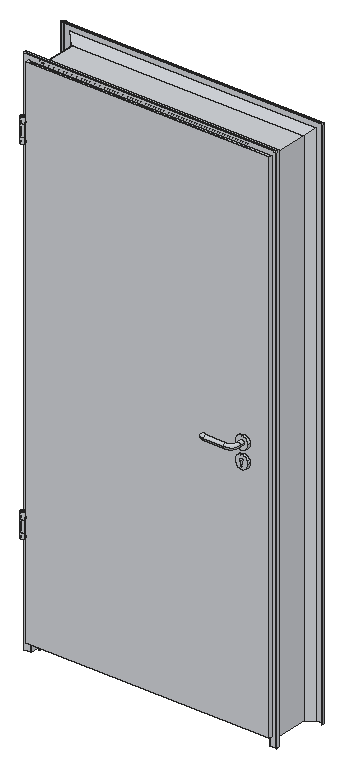
Revit family "BOS-Schrägleibungszarge-cUud-MW_Familie", category Türen, Revit 2017
Family settings
  Basisbauteil = Wand
  Immer vertikal = Ja
  Beim Laden mit Abzugskörper schneiden = Nein
  Gemeinsam genutzt = Nein
  Raumberechnungspunkt = Ja
Parameters (values of type "cUud")
  Öffnungswinkel [instance] = if(Öffnungswinkel   Aperture < Öffnungswinkel min., Öffnungswinkel min., if(Öffnungswinkel   Aperture > Öffnungswinkel max., Öffnungswinkel max., Öffnungswinkel   Aperture)) * if(DIN links   DIN Left, 1, -1)  # 0.00°
  Öffnungswinkel min. = 0.00°  # constant formula
  Öffnungswinkel max. = 180.00°  # constant formula
  Öffnungswinkel   Aperture [instance] = 0.00°
  Türblattaufschlag = 13 mm  # constant formula
  Türblattabstand links-rechts = 3.5 mm  # constant formula
  Spiegel vorne min. = 30 mm  # constant formula
  Spiegel vorne max. = 80 mm  # constant formula
  Spiegel hinten min. = 30 mm  # constant formula
  Spiegel hinten max. [instance] = 80 mm  # constant formula
  Sickentiefe = 10 mm  # constant formula
  Schrägetiefe min. = 15 mm  # constant formula
  Schrägetiefe max. = Falztiefe gesamt  # 28.5 mm
  Schrägetiefe   Slanting soffit depth [instance] = 28.5 mm
  Schrägetiefe [instance] = if(Schrägetiefe   Slanting soffit depth < Schrägetiefe min., Schrägetiefe min., if(Schrägetiefe   Slanting soffit depth > Schrägetiefe max., Schrägetiefe max., Schrägetiefe   Slanting soffit depth))  # 28.5 mm
  Schrägebreite min. = Falzaufschlag  # 15 mm
  Schrägebreite max. = Falzaufschlag gesamt + 15 mm  # 30 mm
  Schrägebreite   Slanting soffit width [instance] = 30 mm
  Schrägebreite [instance] = if(Schrägebreite   Slanting soffit width < Schrägebreite min., Schrägebreite min., if(Schrägebreite   Slanting soffit width > Schrägebreite max., Schrägebreite max., Schrägebreite   Slanting soffit width))  # 30 mm
  RNH Rohbau_Nennmaß_Höhe   Nominal Wall Opening Height Measurement [instance] = FMH Falzmaß Höhe + Einfügepunkt  # 2145 mm
  RNB Rohbau_Nennmaß_Breite   Nominal Wall Opening Width Measurement [instance] = FMB Falzmaß Breite + (2 * Einfügepunkt)  # 1040 mm
  Putzwinkel min. = 10 mm  # constant formula
  Putzwinkel max. = 28 mm  # constant formula
  MW min. (Formel) [instance] = Falztiefe gesamt + Leibungstiefe min. + Schrägetiefe - Putzwinkel vorne - Putzwinkel hinten  # 64 mm
  Leibungstiefe min. = 27 mm  # constant formula
  GT min. [instance] = MW min. + Putzwinkel vorne + Putzwinkel hinten  # 100 mm
  Drehpunktreferenz horizontal = 500 mm  # constant formula
  Türblattversatz vertikal = if(Gefälzt, -3.5 mm, 15.5 mm)  # -3.5 mm
  Türblattversatz  horizontal = if(Gefälzt, 11.5 mm, 6 mm)  # 11.5 mm
  Türblattabstand 3 = 4.5 mm  # constant formula
  Türblattabstand 2 = 4.5 mm  # constant formula
  Türblattabstand 1 = if(Gefälzt, 1.5 mm, -2 mm)  # 1.5 mm
  Wandstärke   Wall Thickness [instance] = 200 mm
  Stumpf = or(cUsd, cUsFd)  # no
  VX Bänder [instance] = 1 < 2  # yes
  Putzwinkel vorne   Backbend Front [instance] = 10 mm  # constant formula
  Putzwinkel hinten   Backbend Back [instance] = 10 mm  # constant formula
  LDH Lichte Durchgangs Höhe   Clearance Height [instance] = FMH Falzmaß Höhe - Falzaufschlag gesamt  # 2093 mm
  LDB Lichte Durchgangs Breite   Clearance Width [instance] = FMB Falzmaß Breite - (2 * Falzaufschlag gesamt)  # 936 mm
  Gefälzt = or(cUud, cUuFd)  # yes
  URL = "www.BestOfSteel.de/stahlzargen/zargen-fuer-drehfluegeltueren/schraegleibungszargen"
  Türblattstärke 3 = if(Doppelfalz, Falztiefe 2, 0 mm)  # 0 mm
  Türblattstärke 2 = Türblattstärke - Türblattstärke 1 - Türblattstärke 3  # 25.5 mm
  Türblattstärke 1 = if(Gefälzt, 14.5 mm, 0 mm)  # 14.5 mm
  Türblattstärke = if(Einfachfalz, 40 mm, 65 mm)  # 40 mm
  Typenbild = <Keine Auswahl>
  Spiegel vorne   Architrave Front [instance] = 30 mm
  Spiegel vorne [instance] = if(Spiegel vorne   Architrave Front < Spiegel vorne min., Spiegel vorne min., if(Spiegel vorne   Architrave Front > Spiegel vorne max., Spiegel vorne max., Spiegel vorne   Architrave Front))  # 30 mm
  Spiegel hinten   Architrave Back [instance] = 30 mm
  Spiegel hinten [instance] = if(Spiegel hinten   Architrave Back < Spiegel hinten min., Spiegel hinten min., if(Spiegel hinten   Architrave Back > Spiegel hinten max., Spiegel hinten max., Spiegel hinten   Architrave Back))  # 30 mm
  Rough Height = 0 mm  # constant formula
  Rough Width = 0 mm  # constant formula
  Rechtliche Hinweise [instance] = "www.BestOfSteel.de/tools-downloads/bim-building-information-modeling/"
  Putzwinkel vorne [instance] = if(Putzwinkel vorne   Backbend Front < Putzwinkel min., Putzwinkel min., if(Putzwinkel vorne   Backbend Front > Putzwinkel max., Putzwinkel max., Putzwinkel vorne   Backbend Front))  # 10 mm
  Putzwinkel hinten [instance] = if(Putzwinkel hinten   Backbend Back < Putzwinkel min., Putzwinkel min., if(Putzwinkel hinten   Backbend Back > Putzwinkel max., Putzwinkel max., Putzwinkel hinten   Backbend Back))  # 10 mm
  MW min. [instance] = if([MW min. (Formel)] < 80.5 mm, 80 mm, if([MW min. (Formel)] < 100.5 mm, 100 mm, if([MW min. (Formel)] < 130.5 mm, 130 mm, if([MW min. (Formel)] < 145.5 mm, 145 mm, 160 mm))))  # 80 mm
  MW max. [instance] = GT max. - Putzwinkel vorne - Putzwinkel hinten  # 630 mm
  Information in English = no
  GT max. = 650 mm  # constant formula
  GT Gesamttiefe [instance] = GT Gesamttiefe_Zarge   Total Profile Depth  # 220 mm
  Funktion = Innen
  Falztiefe gesamt = if(Einfachfalz, Falztiefe, Falztiefe + Falztiefe 2)  # 28.5 mm
  Falztiefe 2 = 25 mm  # constant formula
  Falztiefe = Türblattstärke 2 - Türblattabstand 1 + Türblattabstand 2  # 28.5 mm
  Falzaufschlag gesamt = if(Einfachfalz, Falzaufschlag, 2 * Falzaufschlag)  # 15 mm
  FMH min. = 1608 mm  # constant formula
  FMH max. = 2858 mm  # constant formula
  FMH Falzmaß_Höhe   Rebate Height Measurement [instance] = 2108 mm
  FMH Falzmaß Höhe [instance] = if(FMH Falzmaß_Höhe   Rebate Height Measurement < FMH min., FMH min., if(FMH Falzmaß_Höhe   Rebate Height Measurement > FMH max., FMH max., FMH Falzmaß_Höhe   Rebate Height Measurement))  # 2108 mm
  FMB min. = 591 mm  # constant formula
  FMB max. = 1342 mm  # constant formula
  FMB Falzmaß_Breite   Rebate Width Measurement [instance] = 966 mm
  FMB Falzmaß Breite [instance] = if(FMB Falzmaß_Breite   Rebate Width Measurement < FMB min., FMB min., if(FMB Falzmaß_Breite   Rebate Width Measurement > FMB max., FMB max., FMB Falzmaß_Breite   Rebate Width Measurement))  # 966 mm
  Drückerhöhe [instance] = if(Drückerhöhe   Handle Height < 850 mm, 850 mm, if(Drückerhöhe   Handle Height > 1050 mm, 1050 mm, Drückerhöhe   Handle Height))  # 1050 mm
  Drehpunkt Warnung sichtbar = yes
  Drehpunkt Warnung [instance] = and(Drehpunkt Warnung sichtbar, not(Öffnungswinkel = 0.00°))  # no
  Doppelfalz = or(cUuFd, cUsFd)  # no
  Einfachfalz = or(cUud, cUsd)  # yes
  Dichtungsversatz vertikal 2 [instance] = Falztiefe + Sickentiefe - Putzwinkel vorne + Falztiefe 2  # 53.5 mm
  Dichtungsversatz vertikal 1 [instance] = Falztiefe + Sickentiefe - Putzwinkel vorne  # 28.5 mm
  Dichtungsversatz horizontal 2 [instance] = Falzaufschlag  # 15 mm
  Dichtungsversatz horizontal 1 [instance] = 0 mm  # constant formula
  Dichtung 2 = Doppelfalz  # no
  Dichtung 1 = or(Einfachfalz, Doppelfalz)  # yes
  Drehpunktposition vertikal [instance] = (Wandstärke   Wall Thickness / 2) + Putzwinkel vorne + [Drehpunktabstand (SP) vertikal]  # 122.5 mm
  Drehpunktposition horizontal [instance] = Drehpunktreferenz horizontal + Einfügepunkt + if(DIN links   DIN Left, FMB Falzmaß Breite + [Drehpunktabstand (FM) horizontal], -[Drehpunktabstand (FM) horizontal])  # 1524 mm
  Drehpunktabstand (FM) horizontal = if(Gefälzt, 21 mm, 2.5 mm)  # 21 mm
  Drehpunktabstand (SP) vertikal = if(Gefälzt, 12.5 mm, 13.5 mm)  # 12.5 mm
  Bänder - Auswahl [instance] = if(Gefälzt, "3D Bänder gefälzt, Bandaufnahmen BVX11000", "3D Bänder stumpf, Bandaufnahmen BVX11000")  # "3D Bänder gefälzt, Bandaufnahmen BVX11000"
  Blechstärke = 1.5 mm  # constant formula
  BE max. = 100 mm  # constant formula
  BE Bodeneinstand [instance] = if(BE Bodeneinstand   Foundation Bedding < 0 mm, 0 mm, if(BE Bodeneinstand   Foundation Bedding > BE max., BE max., BE Bodeneinstand   Foundation Bedding))  # 30 mm
  cUsFd = no
  cUuFd = no
  Modell = "cUud"
  Material - Zarge = none
  Material - Türblatt = none
  Material - Drückergarnitur = none
  Material - Dichtung = none
  Material - Bänder = none
  Material = "grundiert, feuerverzinktes Feinblech nach DIN EN 10143"
  MW Maulweite   Receiving Opening [instance] = if(Wandstärke   Wall Thickness < MW min., MW min., if(Wandstärke   Wall Thickness > MW max., MW max., Wandstärke   Wall Thickness))  # 200 mm
  Height [instance] = RNH Rohbau_Nennmaß_Höhe   Nominal Wall Opening Height Measurement  # 2145 mm
  Hersteller = "BOS GmbH Best Of Steel, Lütkenfelde 4, D-48282 Emsdetten"
  GT Gesamttiefe_Zarge   Total Profile Depth [instance] = MW Maulweite   Receiving Opening + Putzwinkel vorne + Putzwinkel hinten  # 220 mm
  MW Fehler [instance] = or(Wandstärke   Wall Thickness < MW min., Wandstärke   Wall Thickness > MW max.)  # no
  Einfügepunkt [instance] = 7 mm + if(not(Spiegel vorne + Falzaufschlag gesamt < Spiegel hinten + Schrägebreite), Spiegel hinten + Schrägebreite - Falzaufschlag gesamt, Spiegel vorne)  # 37 mm
  Drückerhöhe   Handle Height [instance] = 1050 mm
  Drückergarnitur [instance] = 1 < 2  # yes
  Dicke = 0 mm  # constant formula
  DIN rechts   DIN Right [instance] = not(DIN links   DIN Left)  # no
  DIN links oder rechts [instance] = if(DIN links   DIN Left, "DIN links", "DIN rechts")  # "DIN links"
  DIN links   DIN Left [instance] = yes
  cUud = yes
  cUsd = no
  Width = 0 mm  # constant formula
  Beschreibung = "Schrägleibungszarge als Umfassungsprofil für Mauerwerk, gefälzt"
  Bauelement = "BOS Stahlzarge"
  BOS-Architekten-Beratung = "Tel.: +49 (0) 2572 203-203; E-Mail: architekten@BestOfSteel.de"
  BE Bodeneinstand   Foundation Bedding [instance] = 30 mm
  BBL1 Bandbezugslinie   Hinge Position 1 = 241 mm  # constant formula
  BA Bandabstand   Distance Between Hinges [instance] = if(FMH Falzmaß Höhe < 1546 mm, 935 mm, if(FMH Falzmaß Höhe < 1671 mm, 1060 mm, if(FMH Falzmaß Höhe < 1796 mm, 1185 mm, if(FMH Falzmaß Höhe < 1921 mm, 1310 mm, if(FMH Falzmaß Höhe < 2171 mm, 1435 mm, if(FMH Falzmaß Höhe < 2296 mm, 1685 mm, if(FMH Falzmaß Höhe < 2421 mm, 1810 mm, if(FMH Falzmaß Höhe < 2546 mm, 1935 mm, if(FMH Falzmaß Höhe < 2671 mm, 2060 mm, if(FMH Falzmaß Höhe < 2796 mm, 2185 mm, 2310 mm))))))))))  # 1435 mm
  Falzaufschlag = 15 mm  # constant formula
  Technische Infos rund um die Stahlzarge = "www.BestOfSteel.de/tools-downloads/technische-infos-rund-um-die-stahlzarge/"
  Info-Texte sichtbar = yes
Reference planes
  plane 1 "Wand": y = 0
  plane 2 "Mitte (Links/rechts)": x = 125
  plane 3 "Hinten": y = 100
  plane 4 "Vorne": y = -100
  plane 5 "RNB links": x = -395
  plane 6 "RNB rechts": x = 645
  plane 7 "RNH oben": z = 2145
  plane 8 "BBL1": z = 1867
  plane 9 "Drückerhöhe": z = 1050
  plane 10 "BBL2": z = 432
  plane 11 "BE": z = -30
  plane 12 "FMH oben": z = 2108
  plane 13 "BE max.": z = -100
  plane 14 "FMB links": x = -358
  plane 15 "FMB rechts": x = 608
  plane 16 "Drehpunkt vertikal": y = -122.5
  plane 17 "Drehpunkt horizontal": x = -379
  plane 18 "Drehpunktreferenz horizontal": x = 1145
Forms (mm)
  Sweep 1, solid, material <- "Material - Zarge", visible <- "Einfachfalz", detail levels medium+fine
    path origin (0, -100, 0) x (-1, 0, 0) y (0, 0, 1)
      loop
        line (395, -30) -> (395, 2145) -> (-645, 2145) -> (-645, -30)
    profile "BOS-cUud-cUsd_Profil : BOS-cUud-cUsd_Profil" origin (-395, -100, 1057.5) x (1, 0, 0) y (0, 1, 0)
      loop
        arc (-5.5, 210) -> (-7.268, 209.268) -> (-8, 207.5) r 2.5
        line (-8, 207.5) -> (-8, 200) -> (-6.5, 200) -> (-6.5, 207.5)
        arc (-6.5, 207.5) -> (-6.207, 208.207) -> (-5.5, 208.5) r 1
        line (-5.5, 208.5) -> (21.401, 208.5) -> (50.5, 180.856) -> (50.5, 21.25)
        arc (50.5, 21.25) -> (49.135, 20.005) -> (48.021, 21.479) r 1.25
        line (48.021, 21.479) -> (48.949, 26.449)
        arc (48.949, 26.449) -> (48.308, 28.917) -> (46, 30) r 3
        line (46, 30) -> (38, 30)
        arc (38, 30) -> (36.232, 29.268) -> (35.5, 27.5) r 2.5
        line (35.5, 27.5) -> (35.5, -7.5)
        arc (35.5, -7.5) -> (35.207, -8.207) -> (34.5, -8.5) r 1
        line (34.5, -8.5) -> (9.5, -8.5)
        arc (9.5, -8.5) -> (8.793, -8.207) -> (8.5, -7.5) r 1
        line (8.5, -7.5) -> (8.5, 0) -> (7, 0) -> (7, -7.5)
        arc (7, -7.5) -> (7.732, -9.268) -> (9.5, -10) r 2.5
        line (9.5, -10) -> (34.5, -10)
        arc (34.5, -10) -> (36.268, -9.268) -> (37, -7.5) r 2.5
        line (37, -7.5) -> (37, 27.5)
        arc (37, 27.5) -> (37.293, 28.207) -> (38, 28.5) r 1
        line (38, 28.5) -> (46, 28.5)
        arc (46, 28.5) -> (47.154, 27.958) -> (47.475, 26.725) r 1.5
        line (47.475, 26.725) -> (46.547, 21.755)
        arc (46.547, 21.755) -> (48.996, 18.512) -> (52, 21.25) r 2.75
        line (52, 21.25) -> (52, 181.5) -> (22, 210) -> (-5.5, 210)
  Sweep 2, solid, material <- "Material - Dichtung", visible <- "Dichtung 1", detail levels medium+fine
    path origin (0, -100, 0) x (-1, 0, 0) y (0, 0, 1)
      loop
        line (358, 0) -> (358, 2108) -> (-608, 2108) -> (-608, 0)
    profile "BOS-Dichtung_Profil : BOS-Dichtung_Profil" origin (-358, -100, 1054) x (1, 0, 0) y (0, 1, 0)
      loop
        arc (2.601, 27.263) -> (2.248, 27.116) -> (2.102, 26.763) r 0.5
        line (2.102, 26.763) -> (2.102, 22.634)
        arc (2.102, 22.634) -> (2.243, 22.254) -> (2.599, 22.057) r 0.584
        line (2.599, 22.057) -> (7.702, 21.28)
        arc (7.702, 21.28) -> (8.08, 21.392) -> (8.234, 21.754) r 0.462
        line (8.234, 21.754) -> (8.069, 25.992)
        arc (8.069, 25.992) -> (7.918, 26.403) -> (7.556, 26.65) r 0.716
        arc (7.556, 26.65) -> (5.104, 27.16) -> (2.601, 27.263) r 15.257
      loop
        arc (2.671, 20.957) -> (2.274, 20.838) -> (2.102, 20.46) r 0.501
        line (2.102, 20.46) -> (2.102, 17.565)
        arc (2.102, 17.565) -> (2.227, 17.151) -> (2.561, 16.874) r 0.75
        line (2.561, 16.874) -> (9.159, 15)
        arc (9.159, 15) -> (9.738, 14.926) -> (10.314, 15.026) r 1.962
        arc (10.314, 15.026) -> (11.596, 15.754) -> (12.503, 16.916) r 3.79
        arc (12.503, 16.916) -> (12.466, 17.289) -> (12.114, 17.416) r 0.351
        arc (12.114, 17.416) -> (9.731, 17.818) -> (8.301, 19.767) r 3.215
        arc (8.301, 19.767) -> (8.101, 20.097) -> (7.751, 20.259) r 0.66
        line (7.751, 20.259) -> (2.671, 20.957)
      loop
        arc (9.885, 26.692) -> (6.361, 28.049) -> (2.611, 28.5) r 15.273
        arc (2.611, 28.5) -> (1.229, 28.241) -> (0, 27.558) r 4.388
        arc (0, 27.558) -> (-0.126, 27.198) -> (0.203, 27.005) r 0.3
        line (0.203, 27.005) -> (1.052, 27.179) -> (1.052, 22.212) -> (0.253, 21.589)
        arc (0.253, 21.589) -> (0.158, 21.198) -> (0.517, 21.017) r 0.324
        arc (0.517, 21.017) -> (0.888, 20.925) -> (1.052, 20.58) r 0.446
        line (1.052, 20.58) -> (1.052, 17.338) -> (0.255, 16.575)
        arc (0.255, 16.575) -> (0.205, 16.209) -> (0.55, 16.077) r 0.297
        arc (0.55, 16.077) -> (1.217, 16.194) -> (1.892, 16.137) r 2.63
        line (1.892, 16.137) -> (9.198, 14.049)
        arc (9.198, 14.049) -> (9.621, 14.008) -> (10.045, 14.024) r 3.219
        arc (10.045, 14.024) -> (12.714, 15.531) -> (14.033, 18.298) r 5.088
        arc (14.033, 18.298) -> (13.874, 18.708) -> (13.442, 18.788) r 0.451
        line (13.442, 18.788) -> (12.151, 18.352)
        arc (12.151, 18.352) -> (10.406, 18.72) -> (9.336, 20.147) r 2.533
        line (9.336, 20.147) -> (9.088, 25.569)
        arc (9.088, 25.569) -> (9.253, 25.964) -> (9.663, 26.087) r 0.501
        arc (9.663, 26.087) -> (10.021, 26.299) -> (9.885, 26.692) r 0.329
  Sweep 3, solid, material <- "Material - Zarge", visible <- "Doppelfalz", detail levels medium+fine
    path origin (0, -100, 0) x (-1, 0, 0) y (0, 0, 1)
      loop
        line (395, -30) -> (395, 2145) -> (-645, 2145) -> (-645, -30)
    profile "BOS-cUuFd-cUsFd_Profil : BOS-cUuFd-cUsFd_Profil" origin (-395, -100, 1057.5) x (1, 0, 0) y (0, 1, 0)
      loop
        arc (9.5, 210) -> (7.732, 209.268) -> (7, 207.5) r 2.5
        line (7, 207.5) -> (7, 200) -> (8.5, 200) -> (8.5, 207.5)
        arc (8.5, 207.5) -> (8.793, 208.207) -> (9.5, 208.5) r 1
        line (9.5, 208.5) -> (36.401, 208.5) -> (65.5, 180.856) -> (65.5, 46.25)
        arc (65.5, 46.25) -> (64.135, 45.005) -> (63.021, 46.479) r 1.25
        line (63.021, 46.479) -> (63.949, 51.449)
        arc (63.949, 51.449) -> (63.308, 53.917) -> (61, 55) r 3
        line (61, 55) -> (53, 55)
        arc (53, 55) -> (51.232, 54.268) -> (50.5, 52.5) r 2.5
        line (50.5, 52.5) -> (50.5, 21.25)
        arc (50.5, 21.25) -> (49.135, 20.005) -> (48.021, 21.479) r 1.25
        line (48.021, 21.479) -> (48.949, 26.449)
        arc (48.949, 26.449) -> (48.308, 28.917) -> (46, 30) r 3
        line (46, 30) -> (38, 30)
        arc (38, 30) -> (36.232, 29.268) -> (35.5, 27.5) r 2.5
        line (35.5, 27.5) -> (35.5, -7.5)
        arc (35.5, -7.5) -> (35.207, -8.207) -> (34.5, -8.5) r 1
        line (34.5, -8.5) -> (9.5, -8.5)
        arc (9.5, -8.5) -> (8.793, -8.207) -> (8.5, -7.5) r 1
        line (8.5, -7.5) -> (8.5, 0) -> (7, 0) -> (7, -7.5)
        arc (7, -7.5) -> (7.732, -9.268) -> (9.5, -10) r 2.5
        line (9.5, -10) -> (34.5, -10)
        arc (34.5, -10) -> (36.268, -9.268) -> (37, -7.5) r 2.5
        line (37, -7.5) -> (37, 27.5)
        arc (37, 27.5) -> (37.293, 28.207) -> (38, 28.5) r 1
        line (38, 28.5) -> (46, 28.5)
        arc (46, 28.5) -> (47.154, 27.958) -> (47.475, 26.725) r 1.5
        line (47.475, 26.725) -> (46.547, 21.755)
        arc (46.547, 21.755) -> (48.996, 18.512) -> (52, 21.25) r 2.75
        line (52, 21.25) -> (52, 52.5)
        arc (52, 52.5) -> (52.293, 53.207) -> (53, 53.5) r 1
        line (53, 53.5) -> (61, 53.5)
        arc (61, 53.5) -> (62.154, 52.958) -> (62.475, 51.725) r 1.5
        line (62.475, 51.725) -> (61.547, 46.755)
        arc (61.547, 46.755) -> (63.996, 43.512) -> (67, 46.25) r 2.75
        line (67, 46.25) -> (67, 181.5) -> (37, 210) -> (9.5, 210)
  Sweep 4, solid, material <- "Material - Dichtung", visible <- "Dichtung 2", detail levels medium+fine
    path origin (0, -100, 0) x (-1, 0, 0) y (0, 0, 1)
      loop
        line (358, 0) -> (358, 2108) -> (-608, 2108) -> (-608, 0)
    profile "BOS-Dichtung_Profil : BOS-Dichtung_Profil" origin (-358, -100, 1054) x (1, 0, 0) y (0, 1, 0)
      loop
        arc (17.601, 52.263) -> (17.248, 52.116) -> (17.102, 51.763) r 0.5
        line (17.102, 51.763) -> (17.102, 47.634)
        arc (17.102, 47.634) -> (17.243, 47.254) -> (17.599, 47.057) r 0.584
        line (17.599, 47.057) -> (22.702, 46.28)
        arc (22.702, 46.28) -> (23.08, 46.392) -> (23.234, 46.754) r 0.462
        line (23.234, 46.754) -> (23.069, 50.992)
        arc (23.069, 50.992) -> (22.918, 51.403) -> (22.556, 51.65) r 0.716
        arc (22.556, 51.65) -> (20.104, 52.16) -> (17.601, 52.263) r 15.257
      loop
        arc (17.671, 45.957) -> (17.274, 45.838) -> (17.102, 45.46) r 0.501
        line (17.102, 45.46) -> (17.102, 42.565)
        arc (17.102, 42.565) -> (17.227, 42.151) -> (17.561, 41.874) r 0.75
        line (17.561, 41.874) -> (24.159, 40)
        arc (24.159, 40) -> (24.738, 39.926) -> (25.314, 40.026) r 1.962
        arc (25.314, 40.026) -> (26.596, 40.754) -> (27.503, 41.916) r 3.79
        arc (27.503, 41.916) -> (27.466, 42.289) -> (27.114, 42.416) r 0.351
        arc (27.114, 42.416) -> (24.731, 42.818) -> (23.301, 44.767) r 3.215
        arc (23.301, 44.767) -> (23.101, 45.097) -> (22.751, 45.259) r 0.66
        line (22.751, 45.259) -> (17.671, 45.957)
      loop
        arc (24.885, 51.692) -> (21.361, 53.049) -> (17.611, 53.5) r 15.273
        arc (17.611, 53.5) -> (16.229, 53.241) -> (15, 52.558) r 4.388
        arc (15, 52.558) -> (14.874, 52.198) -> (15.203, 52.005) r 0.3
        line (15.203, 52.005) -> (16.052, 52.179) -> (16.052, 47.212) -> (15.253, 46.589)
        arc (15.253, 46.589) -> (15.158, 46.198) -> (15.517, 46.017) r 0.324
        arc (15.517, 46.017) -> (15.888, 45.925) -> (16.052, 45.58) r 0.446
        line (16.052, 45.58) -> (16.052, 42.338) -> (15.255, 41.575)
        arc (15.255, 41.575) -> (15.205, 41.209) -> (15.55, 41.077) r 0.297
        arc (15.55, 41.077) -> (16.217, 41.194) -> (16.892, 41.137) r 2.63
        line (16.892, 41.137) -> (24.198, 39.049)
        arc (24.198, 39.049) -> (24.621, 39.008) -> (25.045, 39.024) r 3.219
        arc (25.045, 39.024) -> (27.714, 40.531) -> (29.033, 43.298) r 5.088
        arc (29.033, 43.298) -> (28.874, 43.708) -> (28.442, 43.788) r 0.451
        line (28.442, 43.788) -> (27.151, 43.352)
        arc (27.151, 43.352) -> (25.406, 43.72) -> (24.336, 45.147) r 2.533
        line (24.336, 45.147) -> (24.088, 50.569)
        arc (24.088, 50.569) -> (24.253, 50.964) -> (24.663, 51.087) r 0.501
        arc (24.663, 51.087) -> (25.021, 51.299) -> (24.885, 51.692) r 0.329
  Sweep 5, void
    path origin (0, -100, 0) x (-1, 0, 0) y (0, 0, 1)
      loop
        line (395, 0) -> (395, 2145) -> (-125, 2145)
    profile "BOS-AK-Schrägleibungszarge-Einfachfalz-MW_Profil : BOS-AK-Schrägleibungszarge-Einfachfalz-MW_Profil" origin (-395, -100, 1072.5) x (1, 0, 0) y (0, 1, 0)
      loop
        line (50.5, 180.856) -> (50.5, 30) -> (38, 30)
        arc (38, 30) -> (36.232, 29.268) -> (35.5, 27.5) r 2.5
        line (35.5, 27.5) -> (35.5, 0) -> (520, 0) -> (520, 210) -> (19.822, 210) -> (50.5, 180.856)
  Sweep 6, void
    path origin (0, -100, 0) x (-1, 0, 0) y (0, 0, 1)
      loop
        line (-645, 0) -> (-645, 2145) -> (-125, 2145)
    profile "BOS-AK-Schrägleibungszarge-Einfachfalz-MW_Profil : BOS-AK-Schrägleibungszarge-Einfachfalz-MW_Profil" origin (645, -100, 1072.5) x (1, 0, 0) y (0, 1, 0)
      loop
        line (-50.5, 180.856) -> (-19.822, 210) -> (-520, 210) -> (-520, 0) -> (-35.5, 0) -> (-35.5, 27.5)
        arc (-35.5, 27.5) -> (-36.232, 29.268) -> (-38, 30) r 2.5
        line (-38, 30) -> (-50.5, 30) -> (-50.5, 180.856)
  Sweep 7, void
    path origin (0, -100, 0) x (-1, 0, 0) y (0, 0, 1)
      loop
        line (395, 0) -> (395, 2145) -> (-125, 2145)
    profile "BOS-AK-Schrägleibungszarge-Doppelfalz-MW_Profil : BOS-AK-Schrägleibungszarge-Doppelfalz-MW_Profil" origin (-395, -100, 1072.5) x (1, 0, 0) y (0, 1, 0)
      loop
        arc (75, 30) -> (73.232, 29.268) -> (72.5, 27.5) r 2.5
        line (72.5, 27.5) -> (72.5, 0) -> (520, 0) -> (520, 210) -> (71.822, 210) -> (102.5, 180.856) -> (102.5, 55) -> (90, 55)
        arc (90, 55) -> (88.232, 54.268) -> (87.5, 52.5) r 2.5
        line (87.5, 52.5) -> (87.5, 30) -> (75, 30)
  Sweep 8, void
    path origin (0, -100, 0) x (-1, 0, 0) y (0, 0, 1)
      loop
        line (-645, 0) -> (-645, 2145) -> (-125, 2145)
    profile "BOS-AK-Schrägleibungszarge-Doppelfalz-MW_Profil : BOS-AK-Schrägleibungszarge-Doppelfalz-MW_Profil" origin (645, -100, 1072.5) x (1, 0, 0) y (0, 1, 0)
      loop
        line (-75, 30) -> (-87.5, 30) -> (-87.5, 52.5)
        arc (-87.5, 52.5) -> (-88.232, 54.268) -> (-90, 55) r 2.5
        line (-90, 55) -> (-102.5, 55) -> (-102.5, 180.856) -> (-71.822, 210) -> (-520, 210) -> (-520, 0) -> (-72.5, 0) -> (-72.5, 27.5)
        arc (-72.5, 27.5) -> (-73.232, 29.268) -> (-75, 30) r 2.5
Lines and regions (mm)
  reference lines
    curve 1: line (65, 650, 0) -> (185, 650, 0)
    curve 2: line (-379, -122.5, 0) -> (321, -122.5, 0)
    curve 3: line (65, -350, 0) -> (185, -350, 0)
    curve 4: line (65, -650, 0) -> (185, -650, 0)
    curve 9: line (65, 150, 0) -> (185, 150, 0)
  symbolic lines, style "DoorsHiddenLines", visible <- "DIN links   DIN Left", detail levels coarse
    curve 5: arc (645, -100, 0) -> (340.391, -835.391, 0) -> (-395, -1140, 0) r 1040
  symbolic lines, style "Doors", visible <- "DIN links   DIN Left", detail levels coarse
    curve 6: line (-395, -100, 0) -> (-395, -1140, 0)
  symbolic lines, style "DoorsHiddenLines", visible <- "DIN rechts   DIN Right", detail levels coarse
    curve 7: arc (-395, -100, 0) -> (-90.391, -835.391, 0) -> (645, -1140, 0) r 1040
  symbolic lines, style "Doors", visible <- "DIN rechts   DIN Right", detail levels coarse
    curve 8: line (645, -100, 0) -> (645, -1140, 0)
Text (mm)
  text "Außen     " at (-1696.17, 830.944, 0), in view "Ref.-Ebene"
  text "Außen" at (0, 1409.804, 2854.306), in view "Links"
  text "Placement side" at (0, 499.811, 2980.732), in view "Rechts"
Dimensions and locks
  locked: plane 3 "Hinten" to host wall
  locked: host wall to plane 4 "Vorne" at 0
  equal spacing: plane 5 "RNB links", plane 2 "Mitte (Links/rechts)", plane 6 "RNB rechts"
  "RNB Rohbau_Nennmaß_Breite   Nominal Wall Opening Width Measurement": plane 5 "RNB links" to plane 6 "RNB rechts"
  "Drückerhöhe": level to plane 9 "Drückerhöhe"
  "BE Bodeneinstand": plane 11 "BE" to level
  "Wandstärke   Wall Thickness": host wall to host wall
  "BBL1 Bandbezugslinie   Hinge Position 1": plane 12 "FMH oben" to plane 8 "BBL1"
  "BA Bandabstand   Distance Between Hinges": plane 8 "BBL1" to plane 10 "BBL2"
  "FMH Falzmaß Höhe": plane 12 "FMH oben" to level
  "RNH Rohbau_Nennmaß_Höhe   Nominal Wall Opening Height Measurement": plane 7 "RNH oben" to level
  curve 4 to curve 3 to plane 4 "Vorne" to plane 3 "Hinten" to curve 9 to curve 1 = 300 mm, 250 mm, 200 mm, 50 mm, 500 mm
  "BE max.": level to plane 13 "BE max."
  equal spacing: plane 14 "FMB links", plane 2 "Mitte (Links/rechts)", plane 15 "FMB rechts"
  "FMB Falzmaß Breite": plane 14 "FMB links" to plane 15 "FMB rechts"
  "Drehpunktposition vertikal": host wall to plane 16 "Drehpunkt vertikal"
  "Drehpunktreferenz horizontal": plane 6 "RNB rechts" to plane 18 "Drehpunktreferenz horizontal"
  "Drehpunktposition horizontal": plane 17 "Drehpunkt horizontal" to plane 18 "Drehpunktreferenz horizontal"
  "Öffnungswinkel": angle curve 2 to plane 16 "Drehpunkt vertikal"
  aligned and locked: plane 1 "Wand" to host wall
  aligned and locked: plane 6 "RNB rechts" to nested 1
  aligned and locked: nested 1 to plane 4 "Vorne"
  aligned and locked: plane 9 "Drückerhöhe" to nested 1
  aligned and locked: Sweep 2 sketch curve to plane 14 "FMB links"
  aligned and locked: Sweep 2 sketch curve to plane 12 "FMH oben"
  aligned and locked: Sweep 2 sketch curve to plane 15 "FMB rechts"
  aligned and locked: Sweep 4 sketch curve to plane 15 "FMB rechts"
  aligned and locked: Sweep 4 sketch curve to plane 12 "FMH oben"
  aligned and locked: Sweep 4 sketch curve to plane 14 "FMB links"
  aligned and locked: plane 16 "Drehpunkt vertikal" to curve 2
  aligned and locked: plane 17 "Drehpunkt horizontal" to curve 2
  aligned and locked: curve 2 to nested 2
  aligned and locked: nested 4 to plane 10 "BBL2"
  aligned and locked: plane 8 "BBL1" to nested 3
  aligned and locked: plane 17 "Drehpunkt horizontal" to nested 3
  aligned and locked: plane 17 "Drehpunkt horizontal" to nested 4
  aligned and locked: plane 16 "Drehpunkt vertikal" to nested 3
  aligned and locked: plane 16 "Drehpunkt vertikal" to nested 4
  aligned and locked: curve 1 to nested 8
  aligned and locked: plane 2 "Mitte (Links/rechts)" to nested 8
  aligned and locked: plane 18 "Drehpunktreferenz horizontal" to nested 6
  aligned and locked: plane 1 "Wand" to nested 6
  aligned and locked: nested 7 to plane 2 "Mitte (Links/rechts)"
  aligned and locked: curve 3 to nested 5
  aligned and locked: nested 5 to plane 2 "Mitte (Links/rechts)"
  aligned and locked: curve 4 to nested 7
  aligned and locked: nested 9 to plane 4 "Vorne"
  aligned and locked: plane 4 "Vorne" to nested 10
  aligned and locked: plane 6 "RNB rechts" to nested 10
  aligned and locked: plane 5 "RNB links" to nested 9
  aligned and locked: Sweep 5 sketch curve to plane 7 "RNH oben"
  aligned and locked: plane 5 "RNB links" to Sweep 5 sketch curve
  aligned and locked: plane 2 "Mitte (Links/rechts)" to Sweep 5 sketch curve
  aligned and locked: level to Sweep 5 sketch curve
  aligned and locked: plane 7 "RNH oben" to Sweep 6 sketch curve
  aligned and locked: plane 6 "RNB rechts" to Sweep 6 sketch curve
  aligned and locked: plane 2 "Mitte (Links/rechts)" to Sweep 6 sketch curve
  aligned and locked: level to Sweep 6 sketch curve
  aligned and locked: Sweep 7 sketch curve to plane 7 "RNH oben"
  aligned and locked: plane 5 "RNB links" to Sweep 7 sketch curve
  aligned and locked: plane 2 "Mitte (Links/rechts)" to Sweep 7 sketch curve
  aligned and locked: level to Sweep 7 sketch curve
  aligned and locked: plane 7 "RNH oben" to Sweep 8 sketch curve
  aligned and locked: plane 2 "Mitte (Links/rechts)" to Sweep 8 sketch curve
  aligned and locked: plane 6 "RNB rechts" to Sweep 8 sketch curve
  aligned and locked: level to Sweep 8 sketch curve
  aligned and locked: nested 11 to nested 9  (x2)
  aligned and locked: curve 9 to nested 12
  aligned and locked: plane 2 "Mitte (Links/rechts)" to nested 12
Automatic sketch dimensions
  Sweep 1 sketch curve to plane 6 "RNB rechts" = 0 mm
  Sweep 1 sketch curve to plane 5 "RNB links" = 0 mm
  Sweep 1 sketch curve to plane 11 "BE" = 0 mm  (x2)
  Sweep 1 sketch curve to plane 7 "RNH oben" = 0 mm
  Sweep 2 sketch curve to level = 0 mm  (x2)
  Sweep 3 sketch curve to plane 6 "RNB rechts" = 0 mm
  Sweep 3 sketch curve to plane 5 "RNB links" = 0 mm
  Sweep 3 sketch curve to plane 11 "BE" = 0 mm  (x2)
  Sweep 3 sketch curve to plane 7 "RNH oben" = 0 mm
  Sweep 4 sketch curve to level = 0 mm  (x2)
  host wall to curve 7 = 0 mm
  curve 6 to plane 5 "RNB links" = 0 mm
  host wall to curve 8 = 0 mm
  host wall to curve 5 = 0 mm
  curve 5 to plane 6 "RNB rechts" = 0 mm
  host wall to curve 6 = 0 mm
  curve 7 to plane 5 "RNB links" = 0 mm
  curve 8 to plane 6 "RNB rechts" = 0 mm
  curve 4 to plane 2 "Mitte (Links/rechts)" = 60 mm
  curve 9 to plane 2 "Mitte (Links/rechts)" = 60 mm
  curve 3 to plane 2 "Mitte (Links/rechts)" = 60 mm
  curve 1 to plane 2 "Mitte (Links/rechts)" = 60 mm
  plane 2 "Mitte (Links/rechts)" to curve 3 = 60 mm
  plane 2 "Mitte (Links/rechts)" to curve 1 = 60 mm
  plane 2 "Mitte (Links/rechts)" to curve 4 = 60 mm
  plane 2 "Mitte (Links/rechts)" to curve 9 = 60 mm
Nested families
  nested 1: "BOS-BOS_Modell" at (645, -100, 1050), type "BOS-BOS_Modell", not visible
    with Abstand 37 mm
  nested 2: "BOS-Türblatt_Modell" at (125, -119, 0), type "BOS-Türblatt_Modell"
    with Glastürdrücker DIN rechts no, Glastürdrücker DIN links no, Drückergarnitur DIN rechts no, Drückergarnitur DIN links yes
  nested 3: "BOS-Band-VX_Modell" at (-379, -122.5, 1867), visible <- "VX Bänder", type "BOS-Band-VX_Modell", detail levels fine
  nested 4: "BOS-Band-VX_Modell" at (-379, -122.5, 432), visible <- "VX Bänder", type "BOS-Band-VX_Modell", detail levels fine
  nested 5: "BOS-Info-Texte_Beschriftung" at (125, -350.955, 0), visible <- "Drehpunkt Warnung", type "Drehpunkt Warnung"
  nested 6: "BOS-Info-Texte_Beschriftung" at (1145, -0.955, 0), visible <- "MW Fehler", type "Maulweite Fehlermeldung"
  nested 7: "BOS-Info-Texte_Beschriftung" at (125, -650.955, 0), visible <- "Info-Texte sichtbar", type "Rechtliche Hinweise"
  nested 8: "BOS-Info-Texte_Beschriftung" at (125, 649.045, 0), visible <- "Info-Texte sichtbar", type "Technische Hinweise"
  nested 9: "BOS-loser-Propelleranker_Detail" at (-395, -85, 0), type "BOS-loser-Propelleranker_Detail", detail levels fine
  nested 10: "BOS-loser-Propelleranker_Detail" at (645, -85, 0) x (-1, 0, 0) z (0, 0, 1), type "BOS-loser-Propelleranker_Detail", detail levels fine
  nested 11: "BOS-Logo_Modell" at (-388, 85, 0), type "BOS-Logo_Modell", detail levels fine
    with Abstand horizontal 4 mm
  nested 12: "BOS-Info-Texte_Beschriftung" at (125, 149.045, 0), visible <- "Info-Texte sichtbar", type "Rohbaumaß Warnung (Spiegelbreiten)"
Definition of nested family "BOS-Türblatt_Modell"
  Parameters (values of type "BOS-Türblatt_Modell")
    Default Elevation = 1219.2 mm
    URL = "www.BestOfSteel.de"
    Türblattversatz vertikal = -3.5 mm
    Türblattversatz horizontal = 11.5 mm
    Technische Infos rund um die Stahlzarge = "www.BestOfSteel.de/tools-downloads/technische-infos-rund-um-die-stahlzarge/"
    Türblattaufschlag = 13 mm
    Türblattstärke 3 = 0 mm
    Türblattstärke 2 = 25.5 mm
    Türblattstärke 1 = 14.5 mm
    Türblattstärke = 40 mm
    Türblattabstand oben = 4 mm
    Türblattabstand unten = 7 mm
    Türblattabstand links-rechts = 3.5 mm
    TAH3 Türblatt Außenmaß Höhe 3 = FMH Zargen Falzmaß Höhe - Falzaufschlag - Türblattabstand oben - Türblattabstand unten  # 2082 mm
    TAH2 Türblatt Außenmaß Höhe 2 = FMH Zargen Falzmaß Höhe - Türblattabstand oben - Türblattabstand unten  # 2097 mm
    TAH Türblatt Außenmaß Höhe = FMH Zargen Falzmaß Höhe + if(Gefälzt, Türblattaufschlag, 0 mm) - Türblattabstand oben - Türblattabstand unten  # 2110 mm
    Stumpf = no
    Rechtliche Hinweise = "www.BestOfSteel.de/tools-downloads/bim-building-information-modeling/"
    Material - Türblatt = none
    Material - Drückergarnitur = none
    Glastürtdrücker = no
    Glastürdrücker DIN rechts [instance] = and(Glastürtdrücker, DIN rechts)  # no
    Glastürdrücker DIN links [instance] = and(Glastürtdrücker, DIN links)  # no
    Gefälzt = yes
    FMH Zargen Falzmaß Höhe = 2108 mm
    FMB Zargen Falzmaß Breite = 966 mm
    Einfachfalz = yes
    Drückerhöhe = 1050 mm
    Drückergarnitur = yes
    Drückerabstand = 100 mm
    Drehpunktabstand vertikal = (2 * Türblattstärke) + Türblattversatz vertikal  # 76.5 mm
    Drehpunktabstand horizontal = (TAB Türblatt Außenmass Breite / 2) + if(DIN links, -Türblattversatz horizontal, TAB Türblatt Außenmass Breite + Türblattversatz horizontal)  # 481 mm
    Doppelfalz = no
    Drückergarnitur DIN rechts [instance] = and(Drückergarnitur, DIN rechts)  # no
    Drückergarnitur DIN links [instance] = and(Drückergarnitur, DIN links)  # yes
    DIN rechts = no
    DIN links = yes
    Description = "Holz- oder Glastürblatt, mit Drücker, gefälzt oder stumpf"
    Keynote = "BOS Türblatt"
    TAB3 Türblatt Außenmass Breite Türblatt 3 = FMB Zargen Falzmaß Breite - 2 * (Falzaufschlag + [Türblattabstand links-rechts])  # 929 mm
    TAB Türblatt Außenmass Breite = FMB Zargen Falzmaß Breite + 2 * (if(Gefälzt, Türblattaufschlag, 0 mm) - [Türblattabstand links-rechts])  # 985 mm
    TAB2 Türblatt Außenmass Breite Türblatt 2 = FMB Zargen Falzmaß Breite - 2 * ([Türblattabstand links-rechts])  # 959 mm
    Falzaufschlag = 15 mm
    BOS-Architekten-Beratung = "Tel.: +49 (0) 2572 203-203; E-Mail: architekten@BestOfSteel.de"
  Reference planes
    plane 1: y = -7
    plane 2: z = 0
    plane 3: x = 0
    plane 4: z = 7
    plane 5: z = 2117
    plane 6: x = -492.5
    plane 7: x = 492.5
    plane 8: x = -479.5
    plane 9: x = 479.5
    plane 10: x = 464.5
    plane 11: x = -464.5
    plane 12: y = 7.5
    plane 13: y = 33
    plane 14: y = 33
    plane 15: z = 2104
    plane 16: z = 2089
    plane 17: x = -392.5
    plane 18: x = 392.5
    plane 19: y = 73
    plane 20: z = 1050
    plane 21: x = -502.5
    plane 22: x = 502.5
    plane 23: z = 2127
    plane 24: x = -985
    plane 25: x = -504
    plane 26: y = -3.5
  Forms (mm)
    Extrusion 1, solid, material <- "Material - Türblatt", detail levels medium+fine
      sketch origin (0, 0, 0) x (1, 0, 0) y (0, 1, 0)
        loop
          line (-492.5, 33) -> (-492.5, -7) -> (492.5, -7) -> (492.5, 33) -> (-492.5, 33)
      from 7 to 2117
    Extrusion 2, void
      sketch origin (0, 0, 0) x (1, 0, 0) y (0, 1, 0)
        loop
          line (-502.5, 73) -> (-502.5, 7.5) -> (-479.5, 7.5) -> (-479.5, 33) -> (-464.5, 33) -> (-464.5, 73) -> (-502.5, 73)
        loop
          line (464.5, 73) -> (464.5, 33) -> (479.5, 33) -> (479.5, 7.5) -> (502.5, 7.5) -> (502.5, 73) -> (464.5, 73)
      from 7 to 2117
    Extrusion 3, void
      sketch origin (0, 0, 0) x (0, 1, 0) y (0, 0, 1)
        loop
          line (73, 2127) -> (7.5, 2127) -> (7.5, 2104) -> (33, 2104) -> (33, 2089) -> (73, 2089) -> (73, 2127)
      from -492.5 to 492.5
  Cuts and joins
    Extrusion 2, Extrusion 3 cuts Extrusion 1
  Dimensions and locks
    "Türblattabstand unten": plane 4 to plane 2
    equal spacing: plane 6, plane 3, plane 7
    "TAB Türblatt Außenmass Breite": plane 6 to plane 7
    equal spacing: plane 8, plane 3, plane 9
    "TAB2 Türblatt Außenmass Breite Türblatt 2": plane 8 to plane 9
    equal spacing: plane 11, plane 3, plane 10
    "TAB3 Türblatt Außenmass Breite Türblatt 3": plane 11 to plane 10
    "Türblattstärke 1": plane 1 to plane 12
    "Türblattstärke 2": plane 13 to plane 12
    "Türblattstärke 3": plane 14 to plane 13
    "TAH Türblatt Außenmaß Höhe": plane 5 to plane 4
    "TAH2 Türblatt Außenmaß Höhe 2": plane 15 to plane 4
    "TAH3 Türblatt Außenmaß Höhe 3": plane 16 to plane 4
    "Drückerabstand": plane 6 to plane 17
    "Drückerabstand": plane 18 to plane 7
    "Türblattstärke": plane 19 to plane 14
    "Drückerhöhe": plane 20 to plane 2
    plane 21 to plane 6 = 10 mm
    plane 7 to plane 22 = 10 mm
    plane 23 to plane 5 = 10 mm
    "Drehpunktabstand horizontal": plane 24 to plane 25
    "TAB Türblatt Außenmass Breite": plane 24 to plane 3
    "Drehpunktabstand vertikal": plane 19 to plane 26
    aligned and locked: level to plane 2
    aligned and locked: Extrusion 1 sketch curve to plane 1
    aligned and locked: Extrusion 1 sketch curve to plane 6
    aligned and locked: Extrusion 1 sketch curve to plane 14
    aligned and locked: Extrusion 1 sketch curve to plane 7
    aligned and locked: Extrusion 1 to plane 4
    aligned and locked: plane 5 to Extrusion 1
    aligned and locked: plane 19 to Extrusion 2 sketch curve
    aligned and locked: plane 11 to Extrusion 2 sketch curve
    aligned and locked: plane 13 to Extrusion 2 sketch curve  (x2)
    aligned and locked: plane 8 to Extrusion 2 sketch curve
    aligned and locked: Extrusion 2 sketch curve to plane 12
    aligned and locked: plane 10 to Extrusion 2 sketch curve
    aligned and locked: plane 9 to Extrusion 2 sketch curve
    aligned and locked: plane 12 to Extrusion 2 sketch curve
    aligned and locked: Extrusion 2 sketch curve to plane 19
    aligned and locked: Extrusion 2 to plane 4
    aligned and locked: plane 5 to Extrusion 2
    aligned and locked: Extrusion 3 sketch curve to plane 12
    aligned and locked: plane 19 to Extrusion 3 sketch curve
    aligned and locked: Extrusion 3 sketch curve to plane 16
    aligned and locked: Extrusion 3 sketch curve to plane 15
    aligned and locked: Extrusion 3 sketch curve to plane 13
    aligned and locked: plane 7 to Extrusion 3
    aligned and locked: Extrusion 3 to plane 6
    aligned and locked: plane 22 to Extrusion 2 sketch curve
    aligned and locked: Extrusion 2 sketch curve to plane 21
    aligned and locked: plane 23 to Extrusion 3 sketch curve
    aligned and locked: nested 1 to plane 20
    aligned and locked: plane 20 to nested 3
    aligned and locked: plane 20 to nested 2
    aligned and locked: nested 4 to plane 20
    aligned and locked: nested 1 to plane 17
    aligned and locked: nested 3 to plane 17
    aligned and locked: nested 2 to plane 18
    aligned and locked: nested 4 to plane 18
    aligned and locked: plane 1 to nested 1
    aligned and locked: nested 3 to plane 14
    aligned and locked: plane 14 to nested 4
    aligned and locked: nested 2 to plane 1
  Nested families
    nested 1: "BOS-Drückergarnitur_Modell" at (-392.5, -7, 1050), visible <- "Drückergarnitur DIN rechts", type "BOS-Drückergarnitur_Modell", detail levels fine
    nested 2: "BOS-Drückergarnitur_Modell" at (392.5, -7, 1050) x (-1, 0, 0) z (0, 0, 1), visible <- "Drückergarnitur DIN links", type "BOS-Drückergarnitur_Modell", detail levels fine
    nested 3: "BOS-Drückergarnitur_Modell" at (-392.5, 33, 1050), visible <- "Drückergarnitur DIN rechts", type "BOS-Drückergarnitur_Modell", detail levels fine
    nested 4: "BOS-Drückergarnitur_Modell" at (392.5, 33, 1050) x (-1, 0, 0) z (0, 0, 1), visible <- "Drückergarnitur DIN links", type "BOS-Drückergarnitur_Modell", detail levels fine
  Definition of nested family "BOS-Drückergarnitur_Modell"
    Parameters (values of type "BOS-Drückergarnitur_Modell")
      URL = "www.BestOfSteel.de"
      Rechtliche Hinweise = "www.BestOfSteel.de/tools-downloads/bim-building-information-modeling/"
      Material - Drückergarnitur = none
      Description = "Drücker und Rosette"
      Keynote = "BOS Drückergarnitur"
      BOS-Architekten-Beratung = "Tel.: +49 (0) 2572 203-203; E-Mail: architekten@BestOfSteel.de"
      Technische Infos rund um die Stahlzarge = "www.BestOfSteel.de/tools-downloads/technische-infos-rund-um-die-stahlzarge/"
    Reference planes
      plane 1: y = 0
      plane 2: z = 0
      plane 3: x = 0
    Forms (mm)
      Sweep 1, solid, material <- "Material - Drückergarnitur"
        path origin (0, 0, 0) x (1, 0, 0) y (0, 1, 0)
          loop
            line (0, 0) -> (0, -10)
        profile origin (0, -5, 0) x (1, 0, 0) y (0, 0, 1)
          loop
            circle (0, 0) r 26
      Sweep 2, solid, material <- "Material - Drückergarnitur"
        path origin (0, 0, 0) x (1, 0, 0) y (0, 1, 0)
          loop
            line (0, -10) -> (0, -30.336)
            arc (0, -30.336) -> (8.201, -50.135) -> (28, -58.336) r 28
            line (28, -58.336) -> (108.063, -58.336)
            arc (108.063, -58.336) -> (116.614, -56.829) -> (124.133, -52.487) r 25
        profile origin (0, -20.168, 0) x (1, 0, 0) y (0, 0, 1)
          loop
            circle (0, 0) r 9
      Sweep 3, solid, material <- "Material - Drückergarnitur"
        path origin (0, 0, -70) x (1, 0, 0) y (0, 1, 0)
          loop
            line (0, 0) -> (0, -10)
        profile origin (0, -5, -70) x (1, 0, 0) y (0, 0, 1)
          loop
            circle (0, 0) r 26
          loop
            arc (-4.3, -12.6) -> (0, -16.9) -> (4.3, -12.6) r 4.3
            line (4.3, -12.6) -> (4.3, 0)
            arc (4.3, 0) -> (7.07, 8.305) -> (0, 13.47) r 7.421
            arc (0, 13.47) -> (-7.07, 8.305) -> (-4.3, 0) r 7.421
            line (-4.3, 0) -> (-4.3, -12.6)
    Dimensions and locks
      plane 2 to Sweep 3 = 70 mm
    Automatic sketch dimensions
      Sweep 1 sketch curve to plane 3 = 0 mm
      plane 1 to Sweep 1 sketch curve = 0 mm
      plane 1 to Sweep 1 sketch curve = 10 mm
      level to Sweep 1 sketch curve = 0 mm
      profile plane to Sweep 1 sketch curve = 0 mm
      Sweep 2 sketch curve to plane 3 = 0 mm
      plane 3 to Sweep 2 sketch curve = 28 mm
      plane 1 to Sweep 2 sketch curve = 33.336 mm
      Sweep 2 sketch curve to Sweep 2 sketch curve = 80.063 mm
      plane 1 to Sweep 2 sketch curve = 58.336 mm
      Sweep 2 sketch curve to Sweep 2 sketch curve = 16.07 mm
      plane 1 to Sweep 2 sketch curve = 10 mm
      level to Sweep 2 sketch curve = 0 mm
      profile plane to Sweep 2 sketch curve = 0 mm
      Sweep 3 sketch curve to plane 3 = 0 mm
      plane 1 to Sweep 3 sketch curve = 0 mm
      plane 1 to Sweep 3 sketch curve = 10 mm
      Sweep 3 sketch curve to Sweep 3 sketch curve = 0 mm  (x2)
      Sweep 3 sketch curve to profile plane = 0 mm  (x2)
      profile plane to Sweep 3 sketch curve = 0 mm  (x3)
      Sweep 3 sketch curve to Sweep 3 sketch curve = 4.3 mm
      Sweep 3 sketch curve to Sweep 3 sketch curve = 12.6 mm
      profile plane to Sweep 3 sketch curve = 6.049 mm
      radius of Sweep 1 sketch curve = 26 mm
      radius of Sweep 2 sketch curve = 9 mm
      radius of Sweep 3 sketch curve = 26 mm
Definition of nested family "BOS-Band-VX_Modell"
  Parameters (values of type "BOS-Band-VX_Modell")
    Öffnungswinkel = 0.00°
    URL = "www.BestOfSteel.de"
    Stumpf DIN rechts = and(Stumpf, DIN rechts)  # no
    Stumpf DIN links = and(Stumpf, DIN links)  # no
    Stumpf = no
    Rechtliche Hinweise = "www.BestOfSteel.de/tools-downloads/bim-building-information-modeling/"
    Material - Bänder = none
    Manufacturer = ""
    Gefälzt DIN rechts = and(Gefälzt, DIN rechts)  # no
    Gefälzt DIN links = and(Gefälzt, DIN links)  # yes
    Gefälzt = yes
    Drehwinkel = Öffnungswinkel  # 0.00°
    DIN rechts = no
    DIN links = yes
    Description = "Band VX gefälzt oder stumpf"
    Keynote = "BOS Modell"
    BOS-Architekten-Beratung = "Tel.: +49 (0) 2572 203-203; E-Mail: architekten@BestOfSteel.de"
    Technische Infos rund um die Stahlzarge = "www.BestOfSteel.de/tools-downloads/technische-infos-rund-um-die-stahlzarge/"
  Reference planes
    plane 1: y = 0
    plane 2: z = 0
    plane 3: x = 0
  Forms (mm)
    Sweep 1, solid, material <- "Material - Bänder"
      path origin (-13.92, -27.5, 1200) x (-1, 0, 0) y (0, 0, 1)
        loop
          line (-13.92, -1247.5) -> (-13.92, -1152.5)
      profile origin (0, -27.5, 0) x (1, 0, 0) y (0, 1, 0)
        loop
          circle (0, 27.5) r 6.5
    Extrusion 2, solid, material <- "Material - Bänder", visible <- "Gefälzt DIN links"
      sketch origin (58.575, -26.745, 0) x (1, 0, 0) y (0, 1, 0)
        loop
          line (-48.615, 25.844) -> (-47.575, 37.348) -> (-47.575, 39.245) -> (-51.075, 39.245) -> (-51.075, 37.506) -> (-52.154, 25.574)
          arc (-52.154, 25.574) -> (-64.788, 24.746) -> (-54.041, 31.44) r 6.527
          line (-54.041, 31.44) -> (-51.628, 33.938)
          arc (-51.628, 33.938) -> (-67.946, 23.257) -> (-48.615, 25.844) r 10
      from -23.5 to 23.5
    Extrusion 3, solid, material <- "Material - Bänder", visible <- "Stumpf DIN links"
      sketch origin (26.489, 48.796, 0) x (1, 0, 0) y (0, 1, 0)
        loop
          line (-37.489, -37.345) -> (-36.338, -50.529)
          arc (-36.338, -50.529) -> (-16.979, -51.887) -> (-33.436, -41.602) r 10
          line (-33.436, -41.602) -> (-31.004, -44.128)
          arc (-31.004, -44.128) -> (-23.943, -42.824) -> (-19.982, -48.813) r 6.507
          arc (-19.982, -48.813) -> (-25.866, -55.271) -> (-32.842, -50.01) r 6.486
          line (-32.842, -50.01) -> (-34.035, -37.197) -> (-34.035, -35.296) -> (-37.489, -35.296) -> (-37.489, -37.345)
      from -23.5 to 23.5
    Extrusion 4, solid, material <- "Material - Bänder", visible <- "Gefälzt DIN links"
      sketch origin (0, 0, 0) x (0.5, -0.866025, 0) y (0.866025, 0.5, 0)
        loop
          arc (-3.25, -5.629) -> (-6.279, -1.682) -> (-5.629, 3.25) r 6.5
          line (-5.629, 3.25) -> (0.121, 13.209) -> (-2.91, 14.959) -> (-8.66, 5)
          arc (-8.66, 5) -> (5.664, -8.241) -> (-1.564, 9.877) r 10
          line (-1.564, 9.877) -> (-1.017, 6.42)
          arc (-1.017, 6.42) -> (6.391, -1.185) -> (-3.25, -5.629) r 6.5
      from 24 to 47.5
    Extrusion 5, solid, material <- "Material - Bänder", visible <- "Gefälzt DIN links"
      sketch origin (0, 0, 0) x (0.5, -0.866025, 0) y (0.866025, 0.5, 0)
        loop
          arc (-3.25, -5.629) -> (-6.279, -1.682) -> (-5.629, 3.25) r 6.5
          line (-5.629, 3.25) -> (0.121, 13.209) -> (-2.91, 14.959) -> (-8.66, 5)
          arc (-8.66, 5) -> (5.664, -8.241) -> (-1.564, 9.877) r 10
          line (-1.564, 9.877) -> (-1.017, 6.42)
          arc (-1.017, 6.42) -> (6.391, -1.185) -> (-3.25, -5.629) r 6.5
      from -24 to -47.5
    Extrusion 6, solid, material <- "Material - Bänder", visible <- "Stumpf DIN links"
      sketch origin (0, 0, 0) x (1, 0, 0) y (0, 1, 0)
        loop
          line (4.091, 5.051) -> (6.293, 7.771)
          arc (6.293, 7.771) -> (-9.026, -4.305) -> (10, 0) r 10
          line (10, 0) -> (10, 15.5) -> (6.5, 15.5) -> (6.5, 0)
          arc (6.5, 0) -> (0, -6.5) -> (-6.5, 0) r 6.5
          arc (-6.5, 0) -> (-2.798, 5.867) -> (4.091, 5.051) r 6.5
      from 24 to 47.5
    Extrusion 7, solid, material <- "Material - Bänder", visible <- "Stumpf DIN links"
      sketch origin (0, 0, 0) x (1, 0, 0) y (0, 1, 0)
        loop
          line (4.091, 5.051) -> (6.293, 7.771)
          arc (6.293, 7.771) -> (-9.026, -4.305) -> (10, 0) r 10
          line (10, 0) -> (10, 15.5) -> (6.5, 15.5) -> (6.5, 0)
          arc (6.5, 0) -> (0, -6.5) -> (-6.5, 0) r 6.5
          arc (-6.5, 0) -> (-2.798, 5.867) -> (4.091, 5.051) r 6.5
      from -24 to -47.5
    Extrusion 8, solid, material <- "Material - Bänder", visible <- "Stumpf DIN rechts"
      sketch origin (-26.489, 48.796, 0) x (-1, 0, 0) y (0, -1, 0)
        loop
          line (-37.489, 37.345) -> (-37.489, 35.296) -> (-34.035, 35.296) -> (-34.035, 37.197) -> (-32.842, 50.01)
          arc (-32.842, 50.01) -> (-25.866, 55.271) -> (-19.982, 48.813) r 6.486
          arc (-19.982, 48.813) -> (-23.943, 42.824) -> (-31.004, 44.128) r 6.507
          line (-31.004, 44.128) -> (-33.436, 41.602)
          arc (-33.436, 41.602) -> (-16.979, 51.887) -> (-36.338, 50.529) r 10
          line (-36.338, 50.529) -> (-37.489, 37.345)
      from -23.5 to 23.5
    Extrusion 9, solid, material <- "Material - Bänder", visible <- "Stumpf DIN rechts"
      sketch origin (0, 0, 0) x (-1, 0, 0) y (0, -1, 0)
        loop
          arc (4.091, -5.051) -> (-2.798, -5.867) -> (-6.5, 0) r 6.5
          arc (-6.5, 0) -> (0, 6.5) -> (6.5, 0) r 6.5
          line (6.5, 0) -> (6.5, -15.5) -> (10, -15.5) -> (10, 0)
          arc (10, 0) -> (-9.026, 4.305) -> (6.293, -7.771) r 10
          line (6.293, -7.771) -> (4.091, -5.051)
      from 24 to 47.5
    Extrusion 10, solid, material <- "Material - Bänder", visible <- "Stumpf DIN rechts"
      sketch origin (0, 0, 0) x (-1, 0, 0) y (0, -1, 0)
        loop
          arc (4.091, -5.051) -> (-2.798, -5.867) -> (-6.5, 0) r 6.5
          arc (-6.5, 0) -> (0, 6.5) -> (6.5, 0) r 6.5
          line (6.5, 0) -> (6.5, -15.5) -> (10, -15.5) -> (10, 0)
          arc (10, 0) -> (-9.026, 4.305) -> (6.293, -7.771) r 10
          line (6.293, -7.771) -> (4.091, -5.051)
      from -24 to -47.5
    Extrusion 11, solid, material <- "Material - Bänder", visible <- "Gefälzt DIN rechts"
      sketch origin (-58.575, -26.745, 0) x (-1, 0, 0) y (0, -1, 0)
        loop
          arc (-48.615, -25.844) -> (-67.946, -23.257) -> (-51.628, -33.938) r 10
          line (-51.628, -33.938) -> (-54.041, -31.44)
          arc (-54.041, -31.44) -> (-64.788, -24.746) -> (-52.154, -25.574) r 6.527
          line (-52.154, -25.574) -> (-51.075, -37.506) -> (-51.075, -39.245) -> (-47.575, -39.245) -> (-47.575, -37.348) -> (-48.615, -25.844)
      from -23.5 to 23.5
    Extrusion 12, solid, material <- "Material - Bänder", visible <- "Gefälzt DIN rechts"
      sketch origin (0, 0, 0) x (-0.5, -0.866025, 0) y (0.866025, -0.5, 0)
        loop
          arc (-3.25, 5.629) -> (6.391, 1.185) -> (-1.017, -6.42) r 6.5
          line (-1.017, -6.42) -> (-1.564, -9.877)
          arc (-1.564, -9.877) -> (5.664, 8.241) -> (-8.66, -5) r 10
          line (-8.66, -5) -> (-2.91, -14.959) -> (0.121, -13.209) -> (-5.629, -3.25)
          arc (-5.629, -3.25) -> (-6.279, 1.682) -> (-3.25, 5.629) r 6.5
      from 24 to 47.5
    Extrusion 13, solid, material <- "Material - Bänder", visible <- "Gefälzt DIN rechts"
      sketch origin (0, 0, 0) x (-0.5, -0.866025, 0) y (0.866025, -0.5, 0)
        loop
          arc (-3.25, 5.629) -> (6.391, 1.185) -> (-1.017, -6.42) r 6.5
          line (-1.017, -6.42) -> (-1.564, -9.877)
          arc (-1.564, -9.877) -> (5.664, 8.241) -> (-8.66, -5) r 10
          line (-8.66, -5) -> (-2.91, -14.959) -> (0.121, -13.209) -> (-5.629, -3.25)
          arc (-5.629, -3.25) -> (-6.279, 1.682) -> (-3.25, 5.629) r 6.5
      from -24 to -47.5
  Lines and regions (mm)
    reference lines
      curve 1: line (0, 0, 0) -> (110, 0, 0)
  Dimensions and locks
    "Drehwinkel": angle curve 1 to plane 1
    aligned and locked: level to plane 2
    aligned and locked: plane 3 to curve 1
    aligned and locked: plane 1 to curve 1
  Automatic sketch dimensions
    Sweep 1 sketch curve to plane 3 = 0 mm
    Sweep 1 sketch curve to level = 47.5 mm
    level to Sweep 1 sketch curve = 47.5 mm
    Sweep 1 sketch curve to profile plane = 0 mm
    profile plane to Sweep 1 sketch curve = 27.5 mm
    Extrusion 2 sketch curve to Extrusion 2 sketch curve = 0 mm  (x3)
    plane 1 to Extrusion 2 sketch curve = 0 mm
    plane 3 to Extrusion 2 sketch curve = 0 mm
    plane 1 to Extrusion 2 sketch curve = 1.171 mm
    Extrusion 2 sketch curve to Extrusion 2 sketch curve = 6.421 mm
    Extrusion 2 sketch curve to plane 1 = 7.193 mm
    Extrusion 2 sketch curve to Extrusion 2 sketch curve = 0.526 mm
    Extrusion 2 sketch curve to Extrusion 2 sketch curve = 0.553 mm
    plane 1 to Extrusion 2 sketch curve = 0.901 mm
    Extrusion 2 sketch curve to plane 1 = 10.603 mm
    Extrusion 2 sketch curve to Extrusion 2 sketch curve = 3.5 mm
    Extrusion 2 sketch curve to Extrusion 2 sketch curve = 0.158 mm
    Extrusion 2 sketch curve to Extrusion 2 sketch curve = 1.739 mm
    Extrusion 2 sketch curve to plane 1 = 4.695 mm
    Extrusion 3 sketch curve to plane 1 = 0 mm
    Extrusion 3 sketch curve to plane 1 = 11.45 mm
    Extrusion 3 sketch curve to plane 3 = 11 mm
    plane 1 to Extrusion 3 sketch curve = 1.733 mm
    Extrusion 3 sketch curve to Extrusion 3 sketch curve = 1.151 mm
    Extrusion 3 sketch curve to Extrusion 3 sketch curve = 3.454 mm
    Extrusion 3 sketch curve to plane 1 = 7.193 mm
    Extrusion 3 sketch curve to Extrusion 3 sketch curve = 0.599 mm
    plane 1 to Extrusion 3 sketch curve = 1.214 mm
    Extrusion 3 sketch curve to Extrusion 3 sketch curve = 3.496 mm
    Extrusion 3 sketch curve to plane 1 = 4.667 mm
    Extrusion 3 sketch curve to Extrusion 3 sketch curve = 2.431 mm
    Extrusion 3 sketch curve to Extrusion 3 sketch curve = 0.001 mm
    Extrusion 3 sketch curve to Extrusion 3 sketch curve = 0.021 mm
    plane 1 to Extrusion 3 sketch curve = 0.017 mm
    Extrusion 3 sketch curve to Extrusion 3 sketch curve = 0.149 mm
    Extrusion 3 sketch curve to Extrusion 3 sketch curve = 2.05 mm
    Extrusion 4 sketch curve to Extrusion 4 sketch curve = 0 mm  (x6)
    curve 1 to Extrusion 4 sketch curve = 0 mm  (x2)
    Extrusion 4 sketch curve to curve 1 = 63.66 mm
    Extrusion 4 sketch curve to Extrusion 4 sketch curve = 3.031 mm
    Extrusion 4 sketch curve to curve 1 = 57.91 mm
    Extrusion 4 sketch curve to curve 1 = 56.564 mm
    Extrusion 4 sketch curve to Extrusion 4 sketch curve = 0.548 mm
    Extrusion 4 sketch curve to Extrusion 4 sketch curve = 1.017 mm
    Extrusion 4 sketch curve to curve 1 = 54.879 mm
    Extrusion 4 sketch curve to Extrusion 4 sketch curve = 3.25 mm
    Extrusion 4 sketch curve to Extrusion 4 sketch curve = 1.75 mm
    Extrusion 5 sketch curve to Extrusion 5 sketch curve = 0 mm  (x6)
    curve 1 to Extrusion 5 sketch curve = 0 mm  (x2)
    Extrusion 5 sketch curve to curve 1 = 63.66 mm
    Extrusion 5 sketch curve to Extrusion 5 sketch curve = 3.031 mm
    Extrusion 5 sketch curve to curve 1 = 57.91 mm
    Extrusion 5 sketch curve to curve 1 = 56.564 mm
    Extrusion 5 sketch curve to Extrusion 5 sketch curve = 0.548 mm
    Extrusion 5 sketch curve to Extrusion 5 sketch curve = 1.017 mm
    Extrusion 5 sketch curve to curve 1 = 54.879 mm
    Extrusion 5 sketch curve to Extrusion 5 sketch curve = 3.25 mm
    Extrusion 5 sketch curve to Extrusion 5 sketch curve = 1.75 mm
    Extrusion 6 sketch curve to Extrusion 6 sketch curve = 0 mm  (x6)
    Extrusion 6 sketch curve to curve 1 = 0 mm  (x2)
    Extrusion 6 sketch curve to curve 1 = 5.051 mm
    Extrusion 6 sketch curve to Extrusion 6 sketch curve = 4.091 mm
    Extrusion 6 sketch curve to curve 1 = 7.771 mm
    Extrusion 6 sketch curve to Extrusion 6 sketch curve = 2.203 mm
    Extrusion 6 sketch curve to Extrusion 6 sketch curve = 7.729 mm
    Extrusion 7 sketch curve to Extrusion 7 sketch curve = 0 mm  (x6)
    Extrusion 7 sketch curve to curve 1 = 0 mm  (x2)
    Extrusion 7 sketch curve to curve 1 = 5.051 mm
    Extrusion 7 sketch curve to Extrusion 7 sketch curve = 4.091 mm
    Extrusion 7 sketch curve to curve 1 = 7.771 mm
    Extrusion 7 sketch curve to Extrusion 7 sketch curve = 2.203 mm
